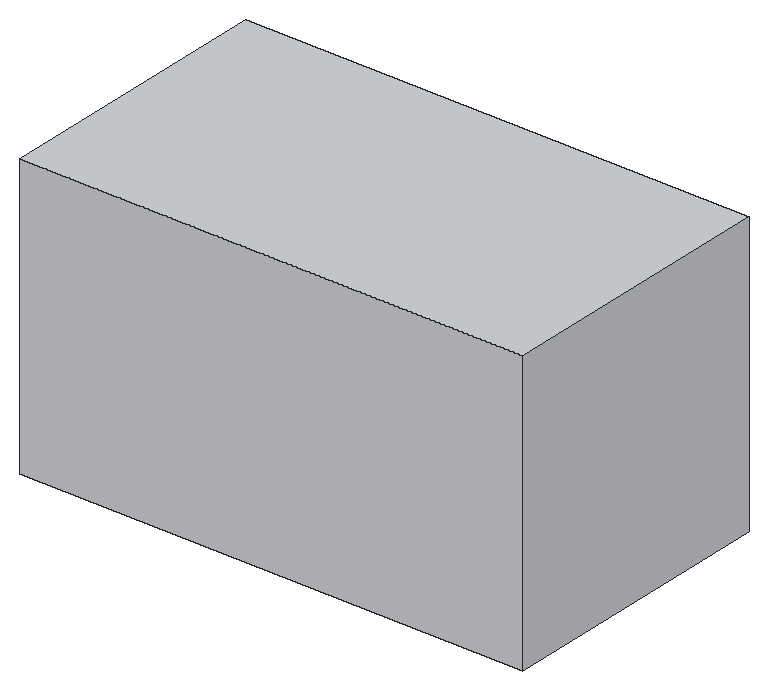
Revit family "M_Caixa exposta - Uma saída - PVC", category Conexões do conduite, Revit 2019
Family settings
  Cota do conector redondo = Usar raio
  Tipo de parte = Múltiplas portas
  Número OmniClass = 23.80.30.17.11
  Título OmniClass = Conduits
  ID de item do Seek = Exposed Box - One Outlet - PVC-0000-CAN-ENU
  Com base no plano de trabalho = Não
  Sempre na vertical = Sim
  Corte com vazios quando carregada = Não
  Compartilhado = Não
Parameters (values of type "Caixa de tomada única")
  Largura [instance] = if(not(Diâmetro nominal > 21 mm), Largura externa, 6 * Diâmetro nominal)  # 64 mm
  Largura externa = 64 mm
  Raio nominal [instance] = 8 mm
  Diâmetro nominal [instance] = Raio nominal * 2  # 16 mm
  Comprimento [instance] = if(not(Diâmetro nominal > 27 mm), 114 mm, 8 * Diâmetro nominal)  # 114 mm
  Altura [instance] = if(not(Diâmetro nominal > 27 mm), 64 mm, if(Diâmetro nominal < 155 mm, 155 mm, Diâmetro nominal * 1.2))  # 64 mm
Types (4, lengths in mm): name | Largura | Largura externa
  (no name) | 64 | 64
  Caixa de tomada única | 64 | 64
  Caixa de tomada dupla | 120 | 120
  Caixa de tomada tripla | 168 | 168
Reference planes
  plane 1 "Centro (Frente/Trás)": y = 0
  plane 2: z = 0
  plane 3 "Centro (Esquerda/Direita)": x = 0
  plane 4: y = 32
  plane 5: y = -32
  plane 6: x = 114
  plane 7: z = -32
  plane 8: z = 32
Forms (mm)
  Extrusion 1, solid
    sketch origin (0, 0, 0) x (1, 0, 0) y (0, 1, 0)
      loop
        line (0, 32) -> (0, -32) -> (114, -32) -> (114, 32) -> (0, 32)
    from -32 to 32
Dimensions and locks
  equal spacing: plane 4, plane 1 "Centro (Frente/Trás)", plane 5
  "Largura": plane 4 to plane 5
  equal spacing: plane 8, plane 2, plane 7
  locked: level to plane 2
  "Altura": plane 8 to plane 7
  "Comprimento": plane 3 "Centro (Esquerda/Direita)" to plane 6
  aligned and locked: Extrusion 1 sketch curve to plane 4
  aligned and locked: plane 5 to Extrusion 1 sketch curve
  aligned and locked: Extrusion 1 sketch curve to plane 6
  aligned: Extrusion 1 to plane 2
  aligned and locked: Extrusion 1 to plane 7
  aligned and locked: plane 8 to Extrusion 1
  aligned and locked: Extrusion 1 to plane 3 "Centro (Esquerda/Direita)"
Automatic sketch dimensions
  plane 3 "Centro (Esquerda/Direita)" to Extrusion 1 sketch curve = 0 mm
Connectors
  cabletrayconduit at (0, 0, 0), diameter 16, driven by "Raio nominal"
    settings: on Extrusion 1, index 1, connector width 304.8 mm, connector height 304.8 mm, connector angle 0.00°, system type 32, placement type 0, profile type 0, connector reference index -1, is primary connector yes, connector utility param no, connector description ""
